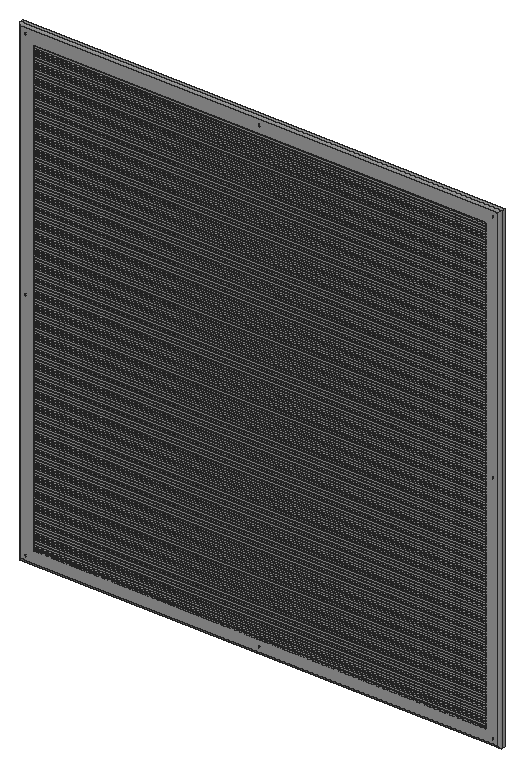
Revit family "ОНФ", category Оборудование, Revit 2021 (continued)
Dimensions and locks
  "t": Extrusion 129 sketch curve to Extrusion 129 sketch curve
  "t": Extrusion 130 sketch curve to Extrusion 130 sketch curve
  "t": Extrusion 131 sketch curve to Extrusion 131 sketch curve
  "t": Extrusion 132 sketch curve to Extrusion 132 sketch curve
  "t": Extrusion 133 sketch curve to Extrusion 133 sketch curve
  "t": Extrusion 134 sketch curve to Extrusion 134 sketch curve
  "t": Extrusion 135 sketch curve to Extrusion 135 sketch curve
  "t": Extrusion 136 sketch curve to Extrusion 136 sketch curve
  "t": Extrusion 137 sketch curve to Extrusion 137 sketch curve
  "t": Extrusion 138 sketch curve to Extrusion 138 sketch curve
  "t": Extrusion 139 sketch curve to Extrusion 139 sketch curve
  "t": Extrusion 140 sketch curve to Extrusion 140 sketch curve
  "t": Extrusion 141 sketch curve to Extrusion 141 sketch curve
  "t": Extrusion 142 sketch curve to Extrusion 142 sketch curve
  "t": Extrusion 143 sketch curve to Extrusion 143 sketch curve
  "t": Extrusion 144 sketch curve to Extrusion 144 sketch curve
  "t": Extrusion 145 sketch curve to Extrusion 145 sketch curve
  "t": Extrusion 146 sketch curve to Extrusion 146 sketch curve
  "t": Extrusion 147 sketch curve to Extrusion 147 sketch curve
  "t": Extrusion 148 sketch curve to Extrusion 148 sketch curve
  "t": Extrusion 149 sketch curve to Extrusion 149 sketch curve
  "t": Extrusion 150 sketch curve to Extrusion 150 sketch curve
  "t": Extrusion 151 sketch curve to Extrusion 151 sketch curve
  "t": Extrusion 152 sketch curve to Extrusion 152 sketch curve
  "t": Extrusion 153 sketch curve to Extrusion 153 sketch curve
  "t": Extrusion 154 sketch curve to Extrusion 154 sketch curve
  "t": Extrusion 155 sketch curve to Extrusion 155 sketch curve
  "t": Extrusion 156 sketch curve to Extrusion 156 sketch curve
  "t": Extrusion 157 sketch curve to Extrusion 157 sketch curve
  "t": Extrusion 158 sketch curve to Extrusion 158 sketch curve
  "t": Extrusion 159 sketch curve to Extrusion 159 sketch curve
  "t": Extrusion 160 sketch curve to Extrusion 160 sketch curve
  "r": radius of Sweep 15 sketch curve
  aligned and locked: level to plane 2
  aligned and locked: Extrusion 1 sketch curve to plane 4
  aligned and locked: plane 5 to Extrusion 1 sketch curve
  aligned and locked: Extrusion 1 sketch curve to plane 6
  aligned and locked: plane 7 to Extrusion 1 sketch curve
Automatic sketch dimensions
  Extrusion 2 sketch curve to Extrusion 2 sketch curve = 10 mm
  Extrusion 3 sketch curve to Extrusion 3 sketch curve = 10 mm
  Extrusion 4 sketch curve to Extrusion 4 sketch curve = 10 mm
  Extrusion 5 sketch curve to Extrusion 5 sketch curve = 10 mm
  Extrusion 6 sketch curve to Extrusion 6 sketch curve = 10 mm
  Extrusion 7 sketch curve to Extrusion 7 sketch curve = 10 mm
  Extrusion 8 sketch curve to Extrusion 8 sketch curve = 10 mm
  Extrusion 9 sketch curve to Extrusion 9 sketch curve = 10 mm
  Extrusion 10 sketch curve to Extrusion 10 sketch curve = 10 mm
  Extrusion 11 sketch curve to Extrusion 11 sketch curve = 10 mm
  Extrusion 12 sketch curve to Extrusion 12 sketch curve = 10 mm
  Extrusion 13 sketch curve to Extrusion 13 sketch curve = 10 mm
  Extrusion 14 sketch curve to Extrusion 14 sketch curve = 10 mm
  Extrusion 16 sketch curve to level = 0 mm  (x2)
  plane 9 to Extrusion 16 sketch curve = 0 mm
  Extrusion 16 sketch curve to plane 3 "По центру (Влево/Вправо)" = 0 mm  (x2)
  plane 10 to Extrusion 16 sketch curve = 0 mm
  Extrusion 16 sketch curve to plane 11 = 0 mm
  Extrusion 16 sketch curve to plane 8 = 0 mm
  plane 9 to Extrusion 16 sketch curve = 0.01 mm  (x2)
  Extrusion 16 sketch curve to plane 10 = 0.01 mm  (x2)
  Extrusion 16 sketch curve to plane 11 = 0.01 mm  (x2)
  plane 8 to Extrusion 16 sketch curve = 0.01 mm  (x2)
  Extrusion 17 sketch curve to Extrusion 17 sketch curve = 10 mm
  Extrusion 18 sketch curve to Extrusion 18 sketch curve = 10 mm
  Extrusion 19 sketch curve to Extrusion 19 sketch curve = 10 mm
  Extrusion 20 sketch curve to Extrusion 20 sketch curve = 10 mm
  Extrusion 21 sketch curve to Extrusion 21 sketch curve = 10 mm
  Extrusion 22 sketch curve to Extrusion 22 sketch curve = 10 mm
  Extrusion 23 sketch curve to Extrusion 23 sketch curve = 10 mm
  Extrusion 24 sketch curve to Extrusion 24 sketch curve = 10 mm
  Extrusion 25 sketch curve to Extrusion 25 sketch curve = 10 mm
  Extrusion 26 sketch curve to Extrusion 26 sketch curve = 10 mm
  Extrusion 27 sketch curve to Extrusion 27 sketch curve = 10 mm
  Extrusion 28 sketch curve to Extrusion 28 sketch curve = 10 mm
  Extrusion 29 sketch curve to Extrusion 29 sketch curve = 10 mm
  Extrusion 30 sketch curve to Extrusion 30 sketch curve = 10 mm
  Extrusion 31 sketch curve to Extrusion 31 sketch curve = 10 mm
  Extrusion 32 sketch curve to Extrusion 32 sketch curve = 10 mm
  Extrusion 33 sketch curve to Extrusion 33 sketch curve = 10 mm
  Extrusion 34 sketch curve to Extrusion 34 sketch curve = 10 mm
  Extrusion 35 sketch curve to Extrusion 35 sketch curve = 10 mm
  Extrusion 36 sketch curve to Extrusion 36 sketch curve = 10 mm
  Extrusion 37 sketch curve to Extrusion 37 sketch curve = 10 mm
  Extrusion 38 sketch curve to Extrusion 38 sketch curve = 10 mm
  Extrusion 39 sketch curve to Extrusion 39 sketch curve = 10 mm
  Extrusion 40 sketch curve to Extrusion 40 sketch curve = 10 mm
  Extrusion 41 sketch curve to Extrusion 41 sketch curve = 10 mm
  Extrusion 42 sketch curve to Extrusion 42 sketch curve = 10 mm
  Extrusion 43 sketch curve to Extrusion 43 sketch curve = 10 mm
  Extrusion 44 sketch curve to Extrusion 44 sketch curve = 10 mm
  Extrusion 45 sketch curve to Extrusion 45 sketch curve = 10 mm
  Extrusion 46 sketch curve to Extrusion 46 sketch curve = 10 mm
  Extrusion 47 sketch curve to Extrusion 47 sketch curve = 10 mm
  Extrusion 48 sketch curve to Extrusion 48 sketch curve = 10 mm
  Extrusion 49 sketch curve to Extrusion 49 sketch curve = 10 mm
  Extrusion 50 sketch curve to Extrusion 50 sketch curve = 10 mm
  Extrusion 51 sketch curve to Extrusion 51 sketch curve = 10 mm
  Extrusion 52 sketch curve to Extrusion 52 sketch curve = 10 mm
  Extrusion 53 sketch curve to Extrusion 53 sketch curve = 10 mm
  Extrusion 54 sketch curve to Extrusion 54 sketch curve = 10 mm
  Extrusion 55 sketch curve to Extrusion 55 sketch curve = 10 mm
  Extrusion 56 sketch curve to Extrusion 56 sketch curve = 10 mm
  Extrusion 57 sketch curve to Extrusion 57 sketch curve = 10 mm
  Extrusion 58 sketch curve to Extrusion 58 sketch curve = 10 mm
  Extrusion 59 sketch curve to Extrusion 59 sketch curve = 10 mm
  Extrusion 60 sketch curve to Extrusion 60 sketch curve = 10 mm
  Extrusion 61 sketch curve to Extrusion 61 sketch curve = 10 mm
  Extrusion 62 sketch curve to Extrusion 62 sketch curve = 10 mm
  Extrusion 63 sketch curve to Extrusion 63 sketch curve = 10 mm
  Extrusion 64 sketch curve to Extrusion 64 sketch curve = 10 mm
  Extrusion 65 sketch curve to Extrusion 65 sketch curve = 10 mm
  Extrusion 66 sketch curve to Extrusion 66 sketch curve = 10 mm
  Extrusion 67 sketch curve to Extrusion 67 sketch curve = 10 mm
  Extrusion 68 sketch curve to Extrusion 68 sketch curve = 10 mm
  Extrusion 69 sketch curve to Extrusion 69 sketch curve = 10 mm
  Extrusion 70 sketch curve to Extrusion 70 sketch curve = 10 mm
  Extrusion 71 sketch curve to Extrusion 71 sketch curve = 10 mm
  Extrusion 72 sketch curve to Extrusion 72 sketch curve = 10 mm
  Extrusion 73 sketch curve to Extrusion 73 sketch curve = 10 mm
  Extrusion 74 sketch curve to Extrusion 74 sketch curve = 10 mm
  Extrusion 75 sketch curve to Extrusion 75 sketch curve = 10 mm
  Extrusion 76 sketch curve to Extrusion 76 sketch curve = 10 mm
  Extrusion 77 sketch curve to Extrusion 77 sketch curve = 10 mm
  Extrusion 78 sketch curve to Extrusion 78 sketch curve = 10 mm
  Extrusion 79 sketch curve to Extrusion 79 sketch curve = 10 mm
  Extrusion 80 sketch curve to Extrusion 80 sketch curve = 10 mm
  Extrusion 81 sketch curve to Extrusion 81 sketch curve = 10 mm
  Extrusion 82 sketch curve to Extrusion 82 sketch curve = 10 mm
  Extrusion 83 sketch curve to Extrusion 83 sketch curve = 10 mm
  Extrusion 84 sketch curve to Extrusion 84 sketch curve = 10 mm
  Extrusion 85 sketch curve to Extrusion 85 sketch curve = 10 mm
  Extrusion 86 sketch curve to Extrusion 86 sketch curve = 10 mm
  Extrusion 87 sketch curve to Extrusion 87 sketch curve = 10 mm
  Extrusion 88 sketch curve to Extrusion 88 sketch curve = 10 mm
  Extrusion 89 sketch curve to Extrusion 89 sketch curve = 10 mm
  Extrusion 90 sketch curve to Extrusion 90 sketch curve = 10 mm
  Extrusion 91 sketch curve to Extrusion 91 sketch curve = 10 mm
  Extrusion 92 sketch curve to Extrusion 92 sketch curve = 10 mm
  Extrusion 93 sketch curve to Extrusion 93 sketch curve = 10 mm
  Extrusion 94 sketch curve to Extrusion 94 sketch curve = 10 mm
  Extrusion 95 sketch curve to Extrusion 95 sketch curve = 10 mm
  Extrusion 96 sketch curve to Extrusion 96 sketch curve = 10 mm
  Extrusion 97 sketch curve to Extrusion 97 sketch curve = 10 mm
  Extrusion 98 sketch curve to Extrusion 98 sketch curve = 10 mm
  Extrusion 99 sketch curve to Extrusion 99 sketch curve = 10 mm
  Extrusion 100 sketch curve to Extrusion 100 sketch curve = 10 mm
  Extrusion 101 sketch curve to Extrusion 101 sketch curve = 10 mm
  Extrusion 102 sketch curve to Extrusion 102 sketch curve = 10 mm
  Extrusion 103 sketch curve to Extrusion 103 sketch curve = 10 mm
  Extrusion 104 sketch curve to Extrusion 104 sketch curve = 10 mm
  Extrusion 105 sketch curve to Extrusion 105 sketch curve = 10 mm
  Extrusion 106 sketch curve to Extrusion 106 sketch curve = 10 mm
  Extrusion 107 sketch curve to Extrusion 107 sketch curve = 10 mm
  Extrusion 108 sketch curve to Extrusion 108 sketch curve = 10 mm
  Extrusion 109 sketch curve to Extrusion 109 sketch curve = 10 mm
  Extrusion 110 sketch curve to Extrusion 110 sketch curve = 10 mm
  Extrusion 111 sketch curve to Extrusion 111 sketch curve = 10 mm
  Extrusion 112 sketch curve to Extrusion 112 sketch curve = 10 mm
  Extrusion 113 sketch curve to Extrusion 113 sketch curve = 10 mm
  Extrusion 114 sketch curve to Extrusion 114 sketch curve = 10 mm
  Extrusion 115 sketch curve to Extrusion 115 sketch curve = 10 mm
  Extrusion 116 sketch curve to Extrusion 116 sketch curve = 10 mm
  Extrusion 117 sketch curve to Extrusion 117 sketch curve = 10 mm
  Extrusion 118 sketch curve to Extrusion 118 sketch curve = 10 mm
  Extrusion 119 sketch curve to Extrusion 119 sketch curve = 10 mm
  Extrusion 120 sketch curve to Extrusion 120 sketch curve = 10 mm
  Extrusion 121 sketch curve to Extrusion 121 sketch curve = 10 mm
  Extrusion 122 sketch curve to Extrusion 122 sketch curve = 10 mm
  Extrusion 123 sketch curve to Extrusion 123 sketch curve = 10 mm
  Extrusion 124 sketch curve to Extrusion 124 sketch curve = 10 mm
  Extrusion 125 sketch curve to Extrusion 125 sketch curve = 10 mm
  Extrusion 126 sketch curve to Extrusion 126 sketch curve = 10 mm
  Extrusion 127 sketch curve to Extrusion 127 sketch curve = 10 mm
  Extrusion 128 sketch curve to Extrusion 128 sketch curve = 10 mm
  Extrusion 129 sketch curve to Extrusion 129 sketch curve = 10 mm
  Extrusion 130 sketch curve to Extrusion 130 sketch curve = 10 mm
  Extrusion 131 sketch curve to Extrusion 131 sketch curve = 10 mm
  Extrusion 132 sketch curve to Extrusion 132 sketch curve = 10 mm
  Extrusion 133 sketch curve to Extrusion 133 sketch curve = 10 mm
  Extrusion 134 sketch curve to Extrusion 134 sketch curve = 10 mm
  Extrusion 135 sketch curve to Extrusion 135 sketch curve = 10 mm
  Extrusion 136 sketch curve to Extrusion 136 sketch curve = 10 mm
  Extrusion 137 sketch curve to Extrusion 137 sketch curve = 10 mm
  Extrusion 138 sketch curve to Extrusion 138 sketch curve = 10 mm
  Extrusion 139 sketch curve to Extrusion 139 sketch curve = 10 mm
  Extrusion 140 sketch curve to Extrusion 140 sketch curve = 10 mm
  Extrusion 141 sketch curve to Extrusion 141 sketch curve = 10 mm
  Extrusion 142 sketch curve to Extrusion 142 sketch curve = 10 mm
  Extrusion 143 sketch curve to Extrusion 143 sketch curve = 10 mm
  Sweep 15 sketch curve to profile plane = 0 mm  (x2)
  Extrusion 144 sketch curve to Extrusion 144 sketch curve = 10 mm
  Extrusion 145 sketch curve to Extrusion 145 sketch curve = 10 mm
  Extrusion 146 sketch curve to Extrusion 146 sketch curve = 10 mm
  Extrusion 147 sketch curve to Extrusion 147 sketch curve = 10 mm
  Extrusion 148 sketch curve to Extrusion 148 sketch curve = 10 mm
  Extrusion 149 sketch curve to Extrusion 149 sketch curve = 10 mm
  Extrusion 150 sketch curve to Extrusion 150 sketch curve = 10 mm
  Extrusion 151 sketch curve to Extrusion 151 sketch curve = 10 mm
  Extrusion 152 sketch curve to Extrusion 152 sketch curve = 10 mm
  Extrusion 153 sketch curve to Extrusion 153 sketch curve = 10 mm
  Extrusion 154 sketch curve to Extrusion 154 sketch curve = 10 mm
  Extrusion 155 sketch curve to Extrusion 155 sketch curve = 10 mm
  Extrusion 156 sketch curve to Extrusion 156 sketch curve = 10 mm
  Extrusion 157 sketch curve to Extrusion 157 sketch curve = 10 mm
  Extrusion 158 sketch curve to Extrusion 158 sketch curve = 10 mm
  Extrusion 159 sketch curve to Extrusion 159 sketch curve = 10 mm
  Extrusion 160 sketch curve to Extrusion 160 sketch curve = 10 mm
  radius of Extrusion 16 sketch curve = 2 mm  (x8)
Types (16, lengths in mm): name | Ширина | Довжина | Висота | t | n | a2 | a1 | B2 | B1 | C | B | A2 | A1 | A | 00_20_Тип
  (no name) | 30 | 1000 | 1000 | 3 | 157 | -470 | 470 | 970 | 940 | 30 | 1000 | 970 | 940 | 1000 | "ОНФ 1000х1000"
  ОНФ 100х100 | 10 | 100 | 100 | 2 | 13 | -40 | 40 | 90 | 80 | 10 | 100 | 90 | 80 | 100 | "ОНФ 100х100"
  ОНФ 1000х1000 | 30 | 1000 | 1000 | 3 | 157 | -470 | 470 | 970 | 940 | 30 | 1000 | 970 | 940 | 1000 | "ОНФ 1000х1000"
  ОНФ 900х900 | 30 | 900 | 900 | 3 | 140 | -420 | 420 | 870 | 840 | 30 | 900 | 870 | 840 | 900 | "ОНФ 900х900"
  ОНФ 800х800 | 30 | 800 | 800 | 3 | 123 | -370 | 370 | 770 | 740 | 30 | 800 | 770 | 740 | 800 | "ОНФ 800х800"
  ОНФ 700х700 | 30 | 700 | 700 | 3 | 107 | -320 | 320 | 670 | 640 | 30 | 700 | 670 | 640 | 700 | "ОНФ 700х700"
  ОНФ 600х600 | 30 | 600 | 600 | 3 | 90 | -270 | 270 | 570 | 540 | 30 | 600 | 570 | 540 | 600 | "ОНФ 600х600"
  ОНФ 500х500 | 30 | 500 | 500 | 3 | 73 | -220 | 220 | 470 | 440 | 30 | 500 | 470 | 440 | 500 | "ОНФ 500х500"
  ОНФ 400х400 | 25 | 300 | 300 | 3 | 42 | -125 | 125 | 275 | 250 | 25 | 300 | 275 | 250 | 300 | "ОНФ 400х400"
  ОНФ 300х300 | 25 | 300 | 300 | 3 | 42 | -125 | 125 | 275 | 250 | 25 | 300 | 275 | 250 | 300 | "ОНФ 300х300"
  ОНФ 200х200 | 20 | 200 | 200 | 3 | 27 | -80 | 80 | 180 | 160 | 20 | 200 | 180 | 160 | 200 | "ОНФ 200х200"
  ОНФ 100х150 | 10 | 100 | 150 | 2 | 22 | -40 | 40 | 140 | 130 | 10 | 150 | 90 | 80 | 100 | "ОНФ 100х150"
  ОНФ 150х150 | 10 | 150 | 150 | 2 | 22 | -65 | 65 | 140 | 130 | 10 | 150 | 140 | 130 | 150 | "ОНФ 150х150"
  ОНФ 150х200 | 15 | 250 | 200 | 2 | 28 | -110 | 110 | 185 | 170 | 15 | 200 | 235 | 220 | 250 | "ОНФ 150х200"
  ОНФ 900х400 | 30 | 900 | 400 | 3 | 57 | -420 | 420 | 370 | 340 | 30 | 400 | 870 | 840 | 900 | "ОНФ 900х400"
  ОНФ 1000х400 | 30 | 1000 | 400 | 3 | 57 | -470 | 470 | 370 | 340 | 30 | 400 | 970 | 940 | 1000 | "ОНФ 1000х400"
